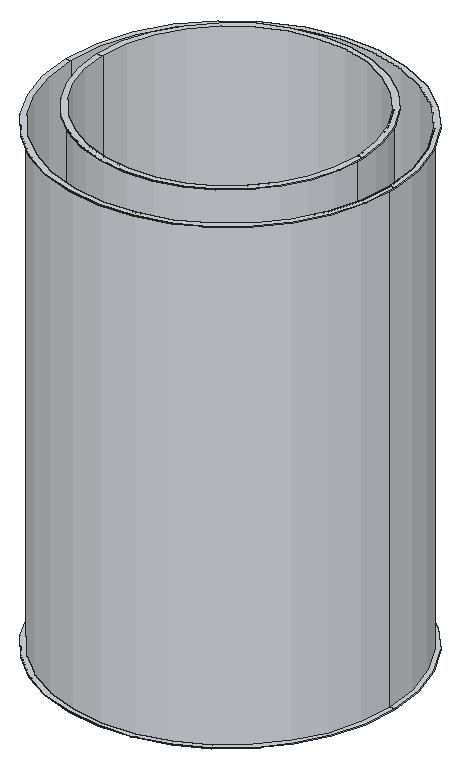
Revit family
Parameters (values of type "DW2447DWLT-3")
  WALLTHICK = 9/256"  # constant formula
  OFFSET2 = 3"
  OFFSET = 1 1/2"  # constant formula
  Model = "DW2447DWLT-3"
  Manufacturer = "CaptiveAire"
  FLANGETHICK = 1/16"
  FLANGERAD = DUCTINSIDERAD + 1/2"  # 12 1/2"
  FLANGEDIA = FLANGERAD * 2  # 25"
  Description = "24\" x 47\" Double-Straight-Vertical"
  DWFLANGERAD = DWDUCTINSIDERAD + 1/2"  # 15 1/2"
  DWDUCTRAD = DWDUCTINSIDERAD + WALLTHICK  # 15 9/256"
  DWDUCTINSIDERAD = DUCTINSIDERAD + OFFSET2  # 15"
  DUCTRAD = (DUCTDIA / 2)  # 12 9/256"
  DUCTINSIDERAD = 12"
  DUCTHEIGHT/2 = DUCTHEIGHT / 2  # 23 1/2"
  DUCTHEIGHT = 47"
  DUCTDIA = (DUCTINSIDERAD + WALLTHICK) * 2  # 24 9/128"
Types (66): name | OFFSET2 | Model | FLANGERAD | FLANGEDIA | Description | DWFLANGERAD | DWDUCTRAD | DWDUCTINSIDERAD | DUCTRAD | DUCTINSIDERAD | DUCTHEIGHT/2 | DUCTHEIGHT | DUCTDIA
  (no name) | 3" | "DW2447DWLT-3" | 12 1/2" | 25" | "24\" x 47\" Double-Straight-Vertical" | 15 1/2" | 15 9/256" | 15" | 12 9/256" | 12" | 23 1/2" | 47" | 24 9/128"
  DW0823DWLT-2 | 3" | "DW0823DWLT-2" | 4 1/2" | 9" | "8\" x 23\" Double-Straight-Vertical" | 7 1/2" | 7 9/256" | 7" | 4 9/256" | 4" | 11 1/2" | 23" | 8 9/128"
  DW1011DWLT-3 | 3" | "DW1011DWLT-3" | 5 1/2" | 11" | "10\" x 11\" Double-Straight-Vertical" | 8 1/2" | 8 9/256" | 8" | 5 9/256" | 5" | 5 1/2" | 11" | 10 9/128"
  DW1211DWLT-3 | 3" | "DW1211DWLT-3" | 6 1/2" | 13" | "12\" x 11\" Double-Straight-Vertical" | 9 1/2" | 9 9/256" | 9" | 6 9/256" | 6" | 5 1/2" | 11" | 12 9/128"
  DW0811DWLT-2 | 2" | "DW0811DWLT-2" | 4 1/2" | 9" | "8\" x 11\" Double-Straight-Vertical" | 6 1/2" | 6 9/256" | 6" | 4 9/256" | 4" | 5 1/2" | 11" | 8 9/128"
  DW0811DWLT-3 | 3" | "DW0811DWLT-3" | 4 1/2" | 9" | "8\" x 11\" Double-Straight-Vertical" | 7 1/2" | 7 9/256" | 7" | 4 9/256" | 4" | 5 1/2" | 11" | 8 9/128"
  DW0817DWLT-3 | 3" | "DW0817DWLT-3" | 4 1/2" | 9" | "8\" x 17\" Double-Straight-Vertical" | 7 1/2" | 7 9/256" | 7" | 4 9/256" | 4" | 8 1/2" | 17" | 8 9/128"
  DW0823DWLT-3 | 3" | "DW0823DWLT-3" | 4 1/2" | 9" | "8\" x 23\" Double-Straight-Vertical" | 7 1/2" | 7 9/256" | 7" | 4 9/256" | 4" | 11 1/2" | 23" | 8 9/128"
  DW0835DWLT-3 | 3" | "DW0835DWLT-3" | 4 1/2" | 9" | "8\" x 35\" Double-Straight-Vertical" | 7 1/2" | 7 9/256" | 7" | 4 9/256" | 4" | 17 1/2" | 35" | 8 9/128"
  DW0847DWLT-3 | 3" | "DW0847DWLT-3" | 4 1/2" | 9" | "8\" x 47\" Double-Straight-Vertical" | 7 1/2" | 7 9/256" | 7" | 4 9/256" | 4" | 23 1/2" | 47" | 8 9/128"
  DW0817DWLT-2 | 2" | "DW0817DWLT-2" | 4 1/2" | 9" | "8\" x 17\" Double-Straight-Vertical" | 6 1/2" | 6 9/256" | 6" | 4 9/256" | 4" | 8 1/2" | 17" | 8 9/128"
  DW0835DWLT-2 | 2" | "DW0835DWLT-2" | 4 1/2" | 9" | "8\" x 35\" Double-Straight-Vertical" | 6 1/2" | 6 9/256" | 6" | 4 9/256" | 4" | 17 1/2" | 35" | 8 9/128"
  DW0847DWLT-2 | 2" | "DW0847DWLT-2" | 4 1/2" | 9" | "8\" x 47\" Double-Straight-Vertical" | 6 1/2" | 6 9/256" | 6" | 4 9/256" | 4" | 23 1/2" | 47" | 8 9/128"
  DW1011DWLT-2 | 2" | "DW1011DWLT-2" | 5 1/2" | 11" | "10\" x 11\" Double-Straight-Vertical" | 7 1/2" | 7 9/256" | 7" | 5 9/256" | 5" | 5 1/2" | 11" | 10 9/128"
  DW1017DWLT-3 | 3" | "DW1017DWLT-3" | 5 1/2" | 11" | "10\" x 17\" Double-Straight-Vertical" | 8 1/2" | 8 9/256" | 8" | 5 9/256" | 5" | 8 1/2" | 17" | 10 9/128"
  DW1017DWLT-2 | 2" | "DW1017DWLT-2" | 5 1/2" | 11" | "10\" x 17\" Double-Straight-Vertical" | 7 1/2" | 7 9/256" | 7" | 5 9/256" | 5" | 8 1/2" | 17" | 10 9/128"
  DW1023DWLT-2 | 2" | "DW1023DWLT-2" | 5 1/2" | 11" | "10\" x 23\" Double-Straight-Vertical" | 7 1/2" | 7 9/256" | 7" | 5 9/256" | 5" | 11 1/2" | 23" | 10 9/128"
  DW1023DWLT-3 | 3" | "DW1023DWLT-3" | 5 1/2" | 11" | "10\" x 23\" Double-Straight-Vertical" | 8 1/2" | 8 9/256" | 8" | 5 9/256" | 5" | 11 1/2" | 23" | 10 9/128"
  DW1035DWLT-2 | 2" | "DW1035DWLT-2" | 5 1/2" | 11" | "10\" x 35\" Double-Straight-Vertical" | 7 1/2" | 7 9/256" | 7" | 5 9/256" | 5" | 17 1/2" | 35" | 10 9/128"
  DW1035DWLT-3 | 3" | "DW1035DWLT-3" | 5 1/2" | 11" | "10\" x 35\" Double-Straight-Vertical" | 8 1/2" | 8 9/256" | 8" | 5 9/256" | 5" | 17 1/2" | 35" | 10 9/128"
  DW1047DWLT-3 | 3" | "DW1047DWLT-3" | 5 1/2" | 11" | "10\" x 47\" Double-Straight-Vertical" | 8 1/2" | 8 9/256" | 8" | 5 9/256" | 5" | 23 1/2" | 47" | 10 9/128"
  DW1047DWLT-2 | 2" | "DW1047DWLT-2" | 5 1/2" | 11" | "10\" x 47\" Double-Straight-Vertical" | 7 1/2" | 7 9/256" | 7" | 5 9/256" | 5" | 23 1/2" | 47" | 10 9/128"
  DW1211DWLT-2 | 2" | "DW1211DWLT-2" | 6 1/2" | 13" | "12\" x 11\" Double-Straight-Vertical" | 8 1/2" | 8 9/256" | 8" | 6 9/256" | 6" | 5 1/2" | 11" | 12 9/128"
  DW1217DWLT-2 | 2" | "DW1217DWLT-2" | 6 1/2" | 13" | "12\" x 17\" Double-Straight-Vertical" | 8 1/2" | 8 9/256" | 8" | 6 9/256" | 6" | 8 1/2" | 17" | 12 9/128"
  DW1217DWLT-3 | 3" | "DW1217DWLT-3" | 6 1/2" | 13" | "12\" x 17\" Double-Straight-Vertical" | 9 1/2" | 9 9/256" | 9" | 6 9/256" | 6" | 8 1/2" | 17" | 12 9/128"
  DW1223DWLT-3 | 3" | "DW1223DWLT-3" | 6 1/2" | 13" | "12\" x 23\" Double-Straight-Vertical" | 9 1/2" | 9 9/256" | 9" | 6 9/256" | 6" | 11 1/2" | 23" | 12 9/128"
  DW1223DWLT-2 | 2" | "DW1223DWLT-2" | 6 1/2" | 13" | "12\" x 23\" Double-Straight-Vertical" | 8 1/2" | 8 9/256" | 8" | 6 9/256" | 6" | 11 1/2" | 23" | 12 9/128"
  DW1235DWLT-2 | 2" | "DW1235DWLT-2" | 6 1/2" | 13" | "12\" x 35\" Double-Straight-Vertical" | 8 1/2" | 8 9/256" | 8" | 6 9/256" | 6" | 17 1/2" | 35" | 12 9/128"
  DW1235DWLT-3 | 3" | "DW1235DWLT-3" | 6 1/2" | 13" | "12\" x 35\" Double-Straight-Vertical" | 9 1/2" | 9 9/256" | 9" | 6 9/256" | 6" | 17 1/2" | 35" | 12 9/128"
  DW1247DWLT-3 | 3" | "DW1247DWLT-3" | 6 1/2" | 13" | "12\" x 47\" Double-Straight-Vertical" | 9 1/2" | 9 9/256" | 9" | 6 9/256" | 6" | 23 1/2" | 47" | 12 9/128"
  DW1247DWLT-2 | 2" | "DW1247DWLT-2" | 6 1/2" | 13" | "12\" x 47\" Double-Straight-Vertical" | 8 1/2" | 8 9/256" | 8" | 6 9/256" | 6" | 23 1/2" | 47" | 12 9/128"
  DW1411DWLT-3 | 3" | "DW1411DWLT-3" | 7 1/2" | 15" | "14\" x 11\" Double-Straight-Vertical" | 10 1/2" | 10 9/256" | 10" | 7 9/256" | 7" | 5 1/2" | 11" | 14 9/128"
  DW1411DWLT-2 | 2" | "DW1411DWLT-2" | 7 1/2" | 15" | "14\" x 11\" Double-Straight-Vertical" | 9 1/2" | 9 9/256" | 9" | 7 9/256" | 7" | 5 1/2" | 11" | 14 9/128"
  DW1417DWLT-2 | 2" | "DW1417DWLT-2" | 7 1/2" | 15" | "14\" x 17\" Double-Straight-Vertical" | 9 1/2" | 9 9/256" | 9" | 7 9/256" | 7" | 8 1/2" | 17" | 14 9/128"
  DW1417DWLT-3 | 3" | "DW1417DWLT-3" | 7 1/2" | 15" | "14\" x 17\" Double-Straight-Vertical" | 10 1/2" | 10 9/256" | 10" | 7 9/256" | 7" | 8 1/2" | 17" | 14 9/128"
  DW1423DWLT-3 | 3" | "DW1423DWLT-3" | 7 1/2" | 15" | "14\" x 23\" Double-Straight-Vertical" | 10 1/2" | 10 9/256" | 10" | 7 9/256" | 7" | 11 1/2" | 23" | 14 9/128"
  DW1423DWLT-2 | 2" | "DW1423DWLT-2" | 7 1/2" | 15" | "14\" x 23\" Double-Straight-Vertical" | 9 1/2" | 9 9/256" | 9" | 7 9/256" | 7" | 11 1/2" | 23" | 14 9/128"
  DW1435DWLT-2 | 2" | "DW1435DWLT-2" | 7 1/2" | 15" | "14\" x 35\" Double-Straight-Vertical" | 9 1/2" | 9 9/256" | 9" | 7 9/256" | 7" | 17 1/2" | 35" | 14 9/128"
  DW1435DWLT-3 | 3" | "DW1435DWLT-3" | 7 1/2" | 15" | "14\" x 35\" Double-Straight-Vertical" | 10 1/2" | 10 9/256" | 10" | 7 9/256" | 7" | 17 1/2" | 35" | 14 9/128"
  DW1447DWLT-3 | 3" | "DW1447DWLT-3" | 7 1/2" | 15" | "14\" x 47\" Double-Straight-Vertical" | 10 1/2" | 10 9/256" | 10" | 7 9/256" | 7" | 23 1/2" | 47" | 14 9/128"
  DW1447DWLT-2 | 2" | "DW1447DWLT-2" | 7 1/2" | 15" | "14\" x 47\" Double-Straight-Vertical" | 9 1/2" | 9 9/256" | 9" | 7 9/256" | 7" | 23 1/2" | 47" | 14 9/128"
  DW1611DWLT-2 | 2" | "DW1611DWLT-2" | 8 1/2" | 17" | "16\" x 11\" Double-Straight-Vertical" | 10 1/2" | 10 9/256" | 10" | 8 9/256" | 8" | 5 1/2" | 11" | 16 9/128"
  DW1611DWLT-3 | 3" | "DW1611DWLT-3" | 8 1/2" | 17" | "16\" x 11\" Double-Straight-Vertical" | 11 1/2" | 11 9/256" | 11" | 8 9/256" | 8" | 5 1/2" | 11" | 16 9/128"
  DW1617DWLT-3 | 3" | "DW1617DWLT-3" | 8 1/2" | 17" | "16\" x 17\" Double-Straight-Vertical" | 11 1/2" | 11 9/256" | 11" | 8 9/256" | 8" | 8 1/2" | 17" | 16 9/128"
  DW1617DWLT-2 | 2" | "DW1617DWLT-2" | 8 1/2" | 17" | "16\" x 17\" Double-Straight-Vertical" | 10 1/2" | 10 9/256" | 10" | 8 9/256" | 8" | 8 1/2" | 17" | 16 9/128"
  DW1623DWLT-2 | 2" | "DW1623DWLT-2" | 8 1/2" | 17" | "16\" x 23\" Double-Straight-Vertical" | 10 1/2" | 10 9/256" | 10" | 8 9/256" | 8" | 11 1/2" | 23" | 16 9/128"
  DW1623DWLT-3 | 3" | "DW1623DWLT-3" | 8 1/2" | 17" | "16\" x 23\" Double-Straight-Vertical" | 11 1/2" | 11 9/256" | 11" | 8 9/256" | 8" | 11 1/2" | 23" | 16 9/128"
  DW1635DWLT-3 | 3" | "DW1635DWLT-3" | 8 1/2" | 17" | "16\" x 35\" Double-Straight-Vertical" | 11 1/2" | 11 9/256" | 11" | 8 9/256" | 8" | 17 1/2" | 35" | 16 9/128"
  DW1635DWLT-2 | 2" | "DW1635DWLT-2" | 8 1/2" | 17" | "16\" x 35\" Double-Straight-Vertical" | 10 1/2" | 10 9/256" | 10" | 8 9/256" | 8" | 17 1/2" | 35" | 16 9/128"
  DW1647DWLT-2 | 2" | "DW1647DWLT-2" | 8 1/2" | 17" | "16\" x 47\" Double-Straight-Vertical" | 10 1/2" | 10 9/256" | 10" | 8 9/256" | 8" | 23 1/2" | 47" | 16 9/128"
  DW1647DWLT-3 | 3" | "DW1647DWLT-3" | 8 1/2" | 17" | "16\" x 47\" Double-Straight-Vertical" | 11 1/2" | 11 9/256" | 11" | 8 9/256" | 8" | 23 1/2" | 47" | 16 9/128"
  DW1811DWLT-3 | 3" | "DW1811DWLT-3" | 9 1/2" | 19" | "18\" x 11\" Double-Straight-Vertical" | 12 1/2" | 12 9/256" | 12" | 9 9/256" | 9" | 5 1/2" | 11" | 18 9/128"
  DW1817DWLT-3 | 3" | "DW1817DWLT-3" | 9 1/2" | 19" | "18\" x 17\" Double-Straight-Vertical" | 12 1/2" | 12 9/256" | 12" | 9 9/256" | 9" | 8 1/2" | 17" | 18 9/128"
  DW1823DWLT-3 | 3" | "DW1823DWLT-3" | 9 1/2" | 19" | "18\" x 23\" Double-Straight-Vertical" | 12 1/2" | 12 9/256" | 12" | 9 9/256" | 9" | 11 1/2" | 23" | 18 9/128"
  DW1835DWLT-3 | 3" | "DW1835DWLT-3" | 9 1/2" | 19" | "18\" x 35\" Double-Straight-Vertical" | 12 1/2" | 12 9/256" | 12" | 9 9/256" | 9" | 17 1/2" | 35" | 18 9/128"
  DW1847DWLT-3 | 3" | "DW1847DWLT-3" | 9 1/2" | 19" | "18\" x 47\" Double-Straight-Vertical" | 12 1/2" | 12 9/256" | 12" | 9 9/256" | 9" | 23 1/2" | 47" | 18 9/128"
  DW2011DWLT-3 | 3" | "DW2011DWLT-3" | 10 1/2" | 21" | "20\" x 11\" Double-Straight-Vertical" | 13 1/2" | 13 9/256" | 13" | 10 9/256" | 10" | 5 1/2" | 11" | 20 9/128"
  DW2017DWLT-3 | 3" | "DW2017DWLT-3" | 10 1/2" | 21" | "20\" x 17\" Double-Straight-Vertical" | 13 1/2" | 13 9/256" | 13" | 10 9/256" | 10" | 8 1/2" | 17" | 20 9/128"
  DW2023DWLT-3 | 3" | "DW2023DWLT-3" | 10 1/2" | 21" | "20\" x 23\" Double-Straight-Vertical" | 13 1/2" | 13 9/256" | 13" | 10 9/256" | 10" | 11 1/2" | 23" | 20 9/128"
  DW2035DWLT-3 | 3" | "DW2035DWLT-3" | 10 1/2" | 21" | "20\" x 35\" Double-Straight-Vertical" | 13 1/2" | 13 9/256" | 13" | 10 9/256" | 10" | 17 1/2" | 35" | 20 9/128"
  DW2047DWLT-3 | 3" | "DW2047DWLT-3" | 10 1/2" | 21" | "20\" x 47\" Double-Straight-Vertical" | 13 1/2" | 13 9/256" | 13" | 10 9/256" | 10" | 23 1/2" | 47" | 20 9/128"
  DW2411DWLT-3 | 3" | "DW2411DWLT-3" | 12 1/2" | 25" | "24\" x 11\" Double-Straight-Vertical" | 15 1/2" | 15 9/256" | 15" | 12 9/256" | 12" | 5 1/2" | 11" | 24 9/128"
  DW2417DWLT-3 | 3" | "DW2417DWLT-3" | 12 1/2" | 25" | "24\" x 17\" Double-Straight-Vertical" | 15 1/2" | 15 9/256" | 15" | 12 9/256" | 12" | 8 1/2" | 17" | 24 9/128"
  DW2423DWLT-3 | 3" | "DW2423DWLT-3" | 12 1/2" | 25" | "24\" x 23\" Double-Straight-Vertical" | 15 1/2" | 15 9/256" | 15" | 12 9/256" | 12" | 11 1/2" | 23" | 24 9/128"
  DW2435DWLT-3 | 3" | "DW2435DWLT-3" | 12 1/2" | 25" | "24\" x 35\" Double-Straight-Vertical" | 15 1/2" | 15 9/256" | 15" | 12 9/256" | 12" | 17 1/2" | 35" | 24 9/128"
  DW2447DWLT-3 | 3" | "DW2447DWLT-3" | 12 1/2" | 25" | "24\" x 47\" Double-Straight-Vertical" | 15 1/2" | 15 9/256" | 15" | 12 9/256" | 12" | 23 1/2" | 47" | 24 9/128"
Reference planes (in)
  plane 1 "Center (Front/Back)": y = 0
  plane 2: z = 0
  plane 3 "Center (Left/Right)": z = 0
  plane 4: z = 47
  plane 5: x = 9.95082
  plane 6: x = -14.11949
  plane 7: x = 10.41566
  plane 8: x = 9.91566
  plane 9: z = 0.0625
  plane 10: z = 46.9375
  plane 11: x = -14.08434
  plane 12: z = 23.5
  plane 13: x = 12.91566
  plane 14: x = 13.41566
  plane 15: x = 12.95082
  plane 16: z = 1.5
  plane 17: z = 45.5
  plane 18: z = 45.4375
  plane 19: z = 1.5625
  plane 20: x = -2.08434
Forms (in)
  Revolve 1, solid
    sketch origin (0, 0, 0) x (1, 0, 0) y (0, 0, 1)
      loop
        line (9.91566, 47) -> (9.91566, 0) -> (10.41566, 0) -> (10.41566, 0.0625) -> (9.95082, 0.0625) -> (9.95082, 46.9375) -> (10.41566, 46.9375) -> (10.41566, 47) -> (9.91566, 47)
      axis (-2.08434, 0) -> (-2.08434, 47)
    angle from 0 to 360
  Revolve 2, solid
    sketch origin (0, 0, 0) x (1, 0, 0) y (0, 0, 1)
      loop
        line (13.41566, 45.5) -> (12.91566, 45.5) -> (12.91566, 1.5) -> (13.41566, 1.5) -> (13.41566, 1.5625) -> (12.95082, 1.5625) -> (12.95082, 45.4375) -> (13.41566, 45.4375) -> (13.41566, 45.5)
      axis (-2.08434, 1.5) -> (-2.08434, 45.5)
    angle from 0 to 360
Dimensions and locks (in)
  "DUCTDIA": plane 6 to plane 5
  "WALLTHICK": plane 8 to plane 5
  "WALLTHICK": plane 11 to plane 6
  "FLANGETHICK": plane 10 to plane 4
  "FLANGETHICK": plane 3 "Center (Left/Right)" to plane 9
  "DUCTHEIGHT": plane 3 "Center (Left/Right)" to plane 4
  "DUCTHEIGHT/2": plane 3 "Center (Left/Right)" to plane 12
  "OFFSET": plane 3 "Center (Left/Right)" to plane 16
  "OFFSET": plane 4 to plane 17
  "FLANGETHICK": plane 17 to plane 18
  "FLANGETHICK": plane 16 to plane 19
  equal spacing: plane 6, plane 20, plane 5
  "DWDUCTRAD": plane 20 to plane 15
  "DWDUCTINSIDERAD": plane 20 to plane 13
  "DWFLANGERAD": plane 20 to plane 14
  "FLANGERAD": plane 20 to plane 7
  aligned and locked: Revolve 1 sketch curve to plane 20
  aligned and locked: Revolve 1 sketch curve to plane 10
  aligned and locked: Revolve 1 sketch curve to plane 4
  aligned and locked: Revolve 1 sketch curve to Revolve 1 sketch curve
  aligned and locked: plane 7 to Revolve 1 sketch curve
  aligned and locked: Revolve 1 sketch curve to level
  aligned and locked: plane 9 to Revolve 1 sketch curve
  aligned and locked: Revolve 1 sketch curve to plane 5
  aligned and locked: Revolve 1 sketch curve to plane 8
  aligned and locked: Revolve 2 sketch curve to plane 20
  aligned and locked: plane 17 to Revolve 2 sketch curve
  aligned and locked: plane 18 to Revolve 2 sketch curve
  aligned and locked: Revolve 2 sketch curve to plane 14  (x2)
  aligned and locked: plane 15 to Revolve 2 sketch curve
  aligned and locked: Revolve 2 sketch curve to plane 13
  aligned and locked: plane 16 to Revolve 2 sketch curve
  aligned and locked: Revolve 2 sketch curve to plane 19
Automatic sketch dimensions
  plane 4 to Revolve 1 sketch curve = 5.05681"
  Revolve 1 sketch curve to Revolve 1 sketch curve = 6.60293"
  plane 4 to Revolve 2 sketch curve = 5.52347"
  Revolve 2 sketch curve to Revolve 2 sketch curve = 6.13627"
